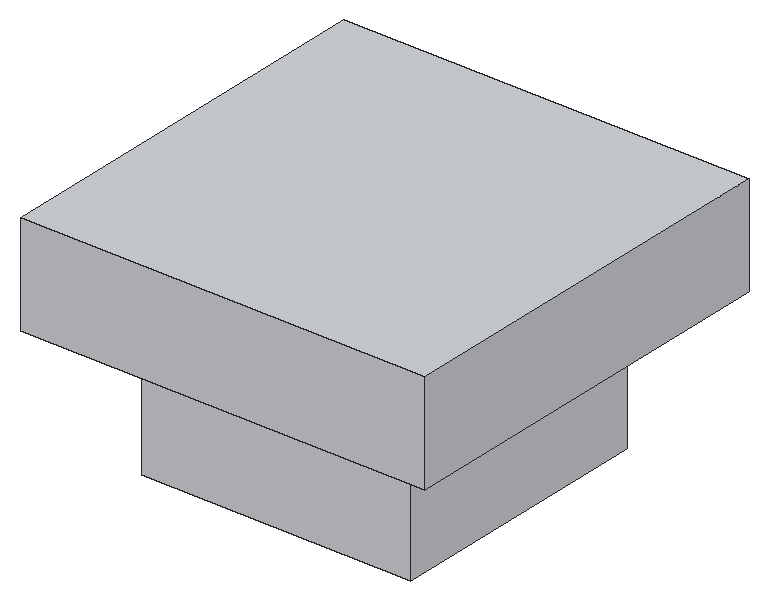
Revit family "Temperature Sensor", category Mechanical Control Devices, host Face, Revit 2025
Family settings
  Host = Face
  Round Connector Dimension = Use Diameter
  Part Type = Normal
  Cut with Voids When Loaded = No
  Maintain Annotation Orientation = Yes
  Shared = No
  Room Calculation Point = No
Parameters (values of type "TS (Wall Mounted)")
  Width = 3"
  Wall Mounted = yes
  Rotate [instance] = no
  Label = "TS"
  Height = 3"
  Default Elevation = 48"
  Ceiling Mounted = no
Types (2): name | Wall Mounted | Rotate | Ceiling Mounted
  TS (Wall Mounted) | yes | no | no
  TS (Ceiling Mounted) | no | yes | yes
Reference planes (in)
  plane 1 "Center (Front/Back)": y = 0
  plane 2: z = 0
  plane 3 "Center (Left/Right)": x = 0
  plane 4: z = 0.75
  plane 5: z = -1
Forms (in)
  Extrusion 1, solid
    sketch origin (0, 0, 0) x (1, 0, 0) y (0, 1, 0)
      loop
        line (-1.5, 1.5) -> (-1.5, -1.5) -> (1.5, -1.5) -> (1.5, 1.5) -> (-1.5, 1.5)
    from 0 to 0.75
  Extrusion 2, solid
    sketch origin (0, 0, 0) x (1, 0, 0) y (0, 1, 0)
      loop
        line (-1, 1) -> (-1, -1) -> (1, -1) -> (1, 1) -> (-1, 1)
    from 0 to -1
Dimensions and locks (in)
  equal spacing: Extrusion 1 sketch curve, plane 3 "Center (Left/Right)", Extrusion 1 sketch curve
  equal spacing: Extrusion 1 sketch curve, plane 1 "Center (Front/Back)", Extrusion 1 sketch curve
  "Height": Extrusion 1 sketch curve to Extrusion 1 sketch curve
  "Width": Extrusion 1 sketch curve to Extrusion 1 sketch curve
  plane 4 to plane 2 = 3/4"
  equal spacing: Extrusion 2 sketch curve, plane 3 "Center (Left/Right)", Extrusion 2 sketch curve
  equal spacing: Extrusion 2 sketch curve, plane 1 "Center (Front/Back)", Extrusion 2 sketch curve
  plane 3 "Center (Left/Right)" to Extrusion 2 sketch curve = 1"
  plane 1 "Center (Front/Back)" to Extrusion 2 sketch curve = 1"
  plane 2 to plane 5 = 1"
  aligned and locked: plane 2 to host face
  aligned and locked: level to host face
  aligned and locked: plane 4 to Extrusion 1
  aligned and locked: Extrusion 2 to plane 5
Automatic sketch dimensions
  host sketch curve to host sketch curve = 96"  (x2)
Nested families (in)
  nested 1: "Wall Symbol" at (0, 0, 0), visible <- "Wall Mounted", type "Standard"
  nested 2: "Ceiling Symbol" at (0, 0, 0), visible <- "Ceiling Mounted", type "Standard"
Definition of nested family "Wall Symbol"
  Parameters (values of type "Standard")
    Rotate = yes
    Not Rotate = not(Rotate)  # no
    Label = "ATS"
  Reference planes (in)
    plane 1: y = 0
    plane 2: x = 0
  Lines and regions (in)
    detail lines
      curve 1: circle (0, 0.125, 0) r 0.125 normal (0, 0, 1)
  Text (in)
    label "ATS" at (0.00258, 0.12377, 0), shows "Label", visible <- "Not Rotate"
    label "ATS" at (0.00258, 0.12377, 0), shows "Label", visible <- "Rotate"
Definition of nested family "Ceiling Symbol"
  Parameters (values of type "Standard")
    Label = "ATS"
  Reference planes (in)
    plane 1: y = 0
    plane 2: x = 0
  Lines and regions (in)
    detail lines
      curve 1: circle (0, 0, 0) r 0.125 normal (0, 0, 1)
  Text (in)
    label "ATS" at (0.00258, -0.00123, 0), shows "Label"
